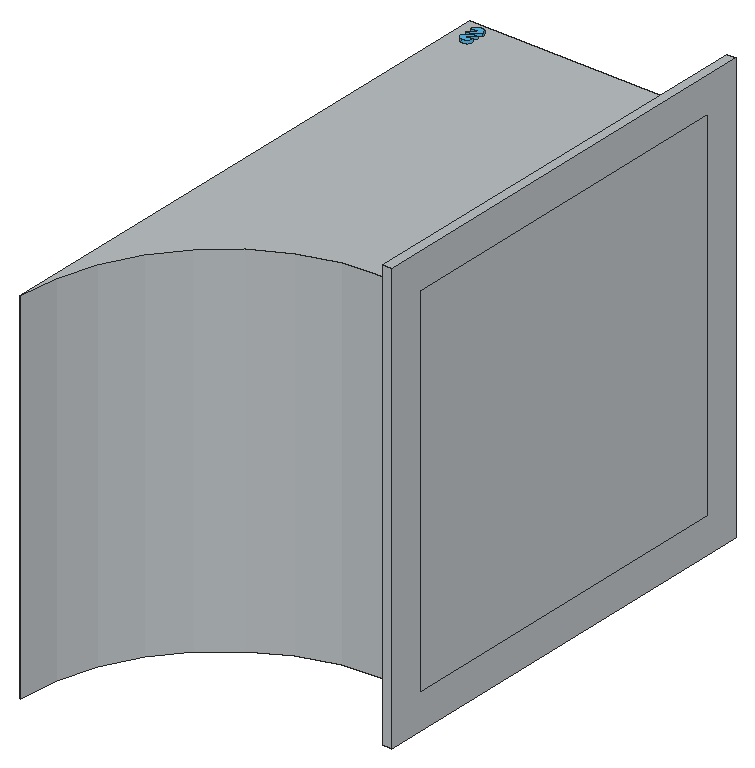
Revit family "NLRS_57_DUF_UN_rechthoekige-radius-stuts_nijburg", category Duct Fittings, Revit 2020
Family settings
  Round Connector Dimension = Use Diameter
  Part Type = Tap - Adjustable
  OmniClass Number = 23.75.70.14
  OmniClass Title = Air Ductwork
  Work Plane-Based = No
  Always vertical = Yes
  Cut with Voids When Loaded = No
  Shared = No
Parameters (values of type "Rechthoekige stuts, R=170 (std)")
  built-in parameter 1114242 [instance] = 1 = 0  # (empty or 0)
  URL = "https://nijburg-klimaattechniek.nl/oplossingen/rechthoekige-kanalen/"
  Type Comments = ""
  built-in parameter 1114214 [instance] = 10 mm
  built-in parameter 1114213 [instance] = NPR_Radius + NPR_S2  # 0.65617 (stored number, unit not read)
  built-in parameter 1114215 [instance] = NPR_Radius + NPR_S2  # 0.65617 (stored number, unit not read)
  NPR_c02_recht [instance] = 30 mm
  NPR_S2 [instance] = if(NPR_c02_recht < 30 mm, 30 mm, NPR_c02_recht)  # 30 mm
  NPR_Radius = 170 mm
  NPR_Luka_m² [instance] = (NLRS_M_c01_breedte + NLRS_M_c01_hoogte) * 2 * NLRS_C_lengte  # 0.308 m²
  NPR_Dummy = 1
  NPR_Artikelcode = "RHKV"  # constant formula
  NLRS_M_c02_hoogte [instance] = 300 mm
  NLRS_M_c02_breedte [instance] = 300 mm
  NLRS_M_c01_hoogte [instance] = NLRS_M_c02_hoogte * NPR_Dummy  # 300 mm
  NLRS_M_c01_breedte [instance] = NLRS_M_c02_breedte + NPR_Radius  # 470 mm
  NLRS_C_model = Model  # "Rechthoekige aftakking"
  NLRS_C_lengte [instance] = NPR_Radius + NPR_S2  # 200 mm
  NLRS_C_description = Description  # "Rechthoekige radius stuts op recht kanaal"
  NLRS_C_content_versie = "1.20.00"  # constant formula
  NLRS_C_content_provider = "Nijburg Klimaattechniek"  # constant formula
  NLRS_C_content_datum_gewijzigd = "10-05-2023"  # constant formula
  NLRS_C_content_creator = "J.Feeke"  # constant formula
  Model = "Rechthoekige aftakking"  # constant formula
  Manufacturer = "Nijburg products"  # constant formula
  Description = "Rechthoekige radius stuts op recht kanaal"  # constant formula
  Default Elevation = 0 mm
  Assembly Code = "57.70"
Types (4, lengths in mm): name | Type Comments | built-in parameter 1114213 | built-in parameter 1114215 | NPR_Radius | NPR_Luka_m² | NLRS_M_c01_breedte | NLRS_C_lengte
  Rechthoekige stuts, R=100 | "RHKV" | 0.42651 (stored number, unit not read) | 0.42651 (stored number, unit not read) | 100 | 0.182 m² | 400 | 130
  Rechthoekige stuts, R=120 | "" | 0.49213 (stored number, unit not read) | 0.49213 (stored number, unit not read) | 120 | 0.216 m² | 420 | 150
  Rechthoekige stuts, R=150 | "" | 0.59055 (stored number, unit not read) | 0.59055 (stored number, unit not read) | 150 | 0.27 m² | 450 | 180
  Rechthoekige stuts, R=170 (std) | "" | 0.65617 (stored number, unit not read) | 0.65617 (stored number, unit not read) | 170 | 0.308 m² | 470 | 200
Reference planes
  plane 1 "Center (Front/Back)": y = 0
  plane 2: z = 0
  plane 3 "Center (Left/Right)": x = 0
  plane 4: x = 200
  plane 5: x = -10
  plane 6 "Top": z = 150
  plane 7 "Botom": z = -150
  plane 8: y = -150
  plane 9: y = 150
  plane 10: y = -320
  plane 11: x = 170
Forms (mm)
  Extrusion 1, solid, material "NLRS_57_sendzimir verzinkt_gen_sacs"
    sketch origin (0, 0, 0) x (1, 0, 0) y (0, 1, 0)
      loop
        line (0, 151) -> (0, -320) -> (1, -320)
        arc (1, -320) -> (50.499, -200.499) -> (170, -151) r 169
        line (170, -151) -> (200, -151) -> (200, 151) -> (0, 151)
    from -151 to 151
  Sweep 2, solid, material "NLRS_57_sendzimir verzinkt_gen_sacs"
    path in 3D
      loop
        line (200, 151, 151) -> (200, 151, -151) -> (200, -151, -151) -> (200, -151, 151) -> (200, 151, 151)
    profile "DW_Profile : Kanaal" origin (200, 0, 151) x (-1, 0, 0) y (0, 0, 1)
      loop
        line (25, 0) -> (25, 1) -> (1, 1) -> (1, 28) -> (7.5, 28) -> (7.5, 29) -> (0, 29) -> (0, 0) -> (25, 0)
Lines and regions (mm)
  model lines, not visible, detail levels coarse
    curve 1: line (0, 0, 0) -> (200, 0, 0)
  reference lines
    curve 2: line (-10, 0, 0) -> (0, 0, 0)
  sketch lines
    curve 3: line (200, -151, 151) -> (200, 151, 151)
    curve 4: line (200, -151, 151) -> (200, -151, -151)
    curve 5: line (200, 151, -151) -> (200, -151, -151)
    curve 6: line (200, 151, 151) -> (200, 151, -151)
Dimensions and locks
  "built-in parameter 1114214": plane 5 to plane 3 "Center (Left/Right)"
  equal spacing: plane 6 "Top", level, plane 7 "Botom"
  equal spacing: plane 9, plane 1 "Center (Front/Back)", plane 8
  "NLRS_M_c02_breedte": plane 9 to plane 8
  "NLRS_M_c02_hoogte": plane 6 "Top" to plane 7 "Botom"
  "NPR_Radius": plane 10 to plane 8
  "NPR_Radius": plane 3 "Center (Left/Right)" to plane 11
  locked: plane 9 to Extrusion 1 sketch curve at 1
  locked: Extrusion 1 sketch curve to plane 8 at 1
  locked: plane 3 "Center (Left/Right)" to Extrusion 1 sketch curve at 1
  locked: plane 7 "Botom" to Extrusion 1 at 1
  locked: Extrusion 1 to plane 6 "Top" at 1
  locked: plane 3 "Center (Left/Right)" to nested 1 at 15
  locked: nested 1 to plane 9 at 15
  locked: plane 3 "Center (Left/Right)" to nested 2 at 15
  locked: nested 2 to plane 9 at 15
  "NPR_S2": plane 11 to plane 4
  aligned and locked: plane 3 "Center (Left/Right)" to curve 1
  aligned and locked: plane 1 "Center (Front/Back)" to curve 1
  aligned and locked: plane 3 "Center (Left/Right)" to curve 2
  aligned and locked: plane 5 to curve 2
  aligned and locked: plane 1 "Center (Front/Back)" to curve 2
  aligned and locked: Extrusion 1 sketch curve to plane 4
  aligned and locked: plane 3 "Center (Left/Right)" to Extrusion 1 sketch curve
  aligned and locked: plane 10 to Extrusion 1 sketch curve  (x2)
  aligned and locked: plane 11 to Extrusion 1 sketch curve  (x2)
  aligned and locked: Extrusion 1 sketch curve to plane 10
Automatic sketch dimensions
  curve 1 to plane 4 = 0 mm
Nested families
  nested 1: "logo_single" at (15, 135, 151) x (0, -1, 0) z (0, 0, 1), type "logo_single"
  nested 2: "logo_single" at (15, 135, -153) x (0, -1, 0) z (0, 0, 1), type "logo_single"
Connectors
  hvac at (0, 0, 0), driven by "NLRS_M_c02_hoogte", driven by "NLRS_M_c02_breedte"
    settings: on plane 3 "Center (Left/Right)", index 0, duct flow 0.0 L/s, flow factor 0, pres drop 0.0 Pa, loss coef 0, conn angle 0.00°, conn width 300 mm, conn height 300 mm, conn diameter 609.6 mm, duct sys type 28, conn prof type 1, flow config 0, flow direction 0, loss method 0, conn ref index 1, conn util no, is conn primary yes, conn desc ""
  hvac at (200, 0, 0), driven by "NLRS_M_c02_hoogte", driven by "NLRS_M_c02_breedte"
    settings: on Extrusion 1, index 1, duct flow 0.0 L/s, flow factor 0, pres drop 0.0 Pa, loss coef 0, conn angle 0.00°, conn width 300 mm, conn height 300 mm, conn diameter 609.6 mm, duct sys type 29, conn prof type 1, flow config 0, flow direction 0, loss method 0, conn ref index 0, conn util no, is conn primary no, conn desc ""
Definition of nested family "logo_single"
  Parameters (values of type "logo_single")
    t = 5 mm
    Model = "LOD 400"
    Description = "Model type"
    Default Elevation = 1219.2 mm
  Reference planes
    plane 1 "Center (Front/Back)": y = 0
    plane 2: z = 0
    plane 3 "Center (Left/Right)": x = 0
    plane 4: z = 2
    plane 5: x = -10
    plane 6: y = -5
    plane 7: y = 5
    plane 8: x = -5
    plane 9: x = 5
    plane 10: x = 10
  Forms (mm)
    Extrusion 1, solid
      sketch origin (-547.644, -297.937, 0) x (1, 0, 0) y (0, 1, 0)
        loop
          arc (542.644, 302.937) -> (537.644, 297.937) -> (542.644, 292.937) r 5
          line (542.644, 292.937) -> (542.644, 297.937) -> (547.644, 292.937) -> (547.644, 297.937) -> (542.644, 302.937)
      from 0 to 2
    Extrusion 2, solid
      sketch origin (0, 0, 0) x (1, 0, 0) y (0, 1, 0)
        loop
          arc (5, -5) -> (10, 0) -> (5, 5) r 5
          line (5, 5) -> (5, 0) -> (0, 5) -> (0, 0) -> (5, -5)
      from 0 to 2
  Dimensions and locks
    "t": plane 7 to plane 1 "Center (Front/Back)"
    "t": plane 6 to plane 1 "Center (Front/Back)"
    "t": plane 5 to plane 8
    "t": plane 8 to plane 3 "Center (Left/Right)"
    "t": plane 3 "Center (Left/Right)" to plane 9
    "t": plane 9 to plane 10
    aligned and locked: level to plane 2
    aligned and locked: plane 4 to Extrusion 1
  Automatic sketch dimensions
    plane 1 "Center (Front/Back)" to Extrusion 1 sketch curve = 0 mm  (x3)
    Extrusion 1 sketch curve to plane 8 = 0 mm
    Extrusion 1 sketch curve to plane 7 = 0 mm
    Extrusion 1 sketch curve to plane 3 "Center (Left/Right)" = 0 mm
    Extrusion 1 sketch curve to plane 6 = 0 mm
    Extrusion 2 sketch curve to plane 3 "Center (Left/Right)" = 0 mm
    plane 1 "Center (Front/Back)" to Extrusion 2 sketch curve = 0 mm  (x3)
    Extrusion 2 sketch curve to plane 6 = 0 mm
    Extrusion 2 sketch curve to plane 9 = 0 mm
    Extrusion 2 sketch curve to plane 7 = 0 mm
